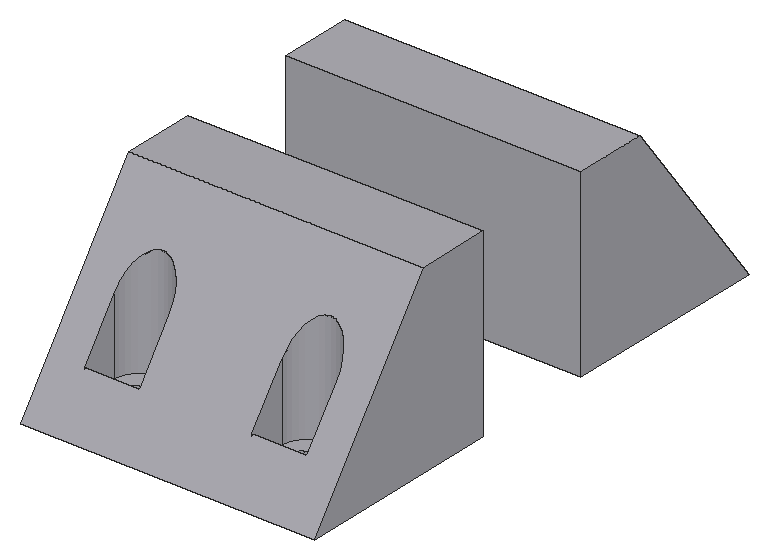
Revit family "ИО 102-40 Б2М(3)", category Датчики, Revit 2019
Family settings
  Сохранять ориентацию аннотаций = Нет
  Размер круглого соединителя = Использовать диаметр
  Тип детали = Нормальный
  Номер OmniClass = 23.85.50.17
  Заголовок OmniClass = Communication and Data Processing Equipment
  На основе рабочей плоскости = Нет
  Всегда вертикально = Да
  При загрузке вырезать с полостями = Нет
  Общий = Нет
  Точка расчета площади = Нет
Parameters (values of type "ИО 102-40 Б2М(3)")
  Цвет = Металл
  Смещение УГО по горизонтали [instance] = if((2000 mm - Сдвиг УГО по горизонтали) < 0 mm, 0 mm, 2000 mm - Сдвиг УГО по горизонтали)  # 2000 mm
  Смещение УГО по вертикали [instance] = if((2000 mm - Сдвиг УГО по вертикали) < 0 mm, 0 mm, 2000 mm - Сдвиг УГО по вертикали)  # 2000 mm
  Сдвиг УГО по горизонтали [instance] = 0 mm
  Сдвиг УГО по вертикали [instance] = 0 mm
  Описание = "Корпус из металла, вывод гофрорукав из оцинкованной стали, тип корпуса датчика \"трапеция\""
  Изготовитель = [ADSK_Завод-изготовитель]  # "НПП «МАГНИТО-КОНТАКТ»"
  URL = "https://m-kontakt.ru/produkt/datch_dlya_magn_konstr/io102-40"
  ADSK_Наименование = "ИО 102-40 Б2М(3)"
  ADSK_Масса = 0.155
  ADSK_Код изделия = "00-00001385"
  ADSK_Завод-изготовитель = "НПП «МАГНИТО-КОНТАКТ»"  # constant formula
  ADSK_Единица измерения = "шт."  # constant formula
Reference planes
  plane 1 "По центру (Вперед/Назад)": y = 0
  plane 2: z = 0
  plane 3 "По центру (Влево/Вправо)": x = 0
  plane 4: x = 0
  plane 5: x = 2000
  plane 6: y = 2000
  plane 7: y = 0
  plane 8: x = 0
Forms (mm)
  Extrusion 1, solid, material "Металл" <- "Цвет", detail levels medium+fine
    sketch origin (0, 16.747, 0) x (0, 1, 0) y (0, 0, 1)
      loop
        line (-25, 0) -> (-25, 25) -> (-35, 25) -> (-53.481, 0) -> (-25, 0)
    from -20 to 20
  Extrusion 2, void
    sketch origin (-47.839, 23.028, 0) x (-1, 0, 0) y (0, -1, 0)
      loop
        line (-55.5, 50) -> (-55.5, 55) -> (-62.938, 55) -> (-62.938, 50)
        arc (-62.938, 50) -> (-59.219, 46.281) -> (-55.5, 50) r 3.719
    from 2.9 to 25
  Extrusion 3, void
    sketch origin (68.88, 21.747, 0) x (1, 0, 0) y (0, 1, 0)
      loop
        circle (-57.5, -50) r 2
    from 0 to 32.922
  Extrusion 4, void
    sketch origin (47.839, 23.028, 0) x (1, 0, 0) y (0, 1, 0)
      loop
        arc (-55.5, -50) -> (-59.219, -46.281) -> (-62.938, -50) r 3.719
        line (-62.938, -50) -> (-62.938, -55) -> (-55.5, -55) -> (-55.5, -50)
    from 2.9 to 25
  Extrusion 5, void
    sketch origin (-68.88, 21.747, 0) x (-1, 0, 0) y (0, -1, 0)
      loop
        circle (-57.5, 50) r 2
    from 0 to 32.922
  Extrusion 6, solid, material "Металл" <- "Цвет", detail levels medium+fine
    sketch origin (0, -16.747, 0) x (0, -1, 0) y (0, 0, -1)
      loop
        line (-25, 0) -> (-53.481, 0) -> (-35, -25) -> (-25, -25) -> (-25, 0)
    from -20 to 20
  Extrusion 7, void
    sketch origin (-47.839, -23.028, 0) x (-1, 0, 0) y (0, -1, 0)
      loop
        arc (-55.5, -50) -> (-59.219, -46.281) -> (-62.938, -50) r 3.719
        line (-62.938, -50) -> (-62.938, -55) -> (-55.5, -55) -> (-55.5, -50)
    from 2.9 to 25
  Extrusion 8, void
    sketch origin (68.88, -21.747, 0) x (1, 0, 0) y (0, 1, 0)
      loop
        circle (-57.5, 50) r 2
    from 0 to 32.922
  Extrusion 9, void
    sketch origin (47.839, -23.028, 0) x (1, 0, 0) y (0, 1, 0)
      loop
        line (-55.5, 50) -> (-55.5, 55) -> (-62.938, 55) -> (-62.938, 50)
        arc (-62.938, 50) -> (-59.219, 46.281) -> (-55.5, 50) r 3.719
    from 2.9 to 25
  Extrusion 10, void
    sketch origin (-68.88, -21.747, 0) x (-1, 0, 0) y (0, -1, 0)
      loop
        circle (-57.5, -50) r 2
    from 0 to 32.922
Cuts and joins
  Extrusion 2, Extrusion 3, Extrusion 4, Extrusion 5, Extrusion 7, Extrusion 8, Extrusion 9, Extrusion 10 cuts Extrusion 1
  Extrusion 7, Extrusion 8, Extrusion 9, Extrusion 10 cuts Extrusion 6
Dimensions and locks
  plane 1 "По центру (Вперед/Назад)" to nested 1 = 0 mm
  locked: plane 3 "По центру (Влево/Вправо)" to plane 5 at 2000
  "Смещение УГО по горизонтали": plane 8 to plane 5
  "Смещение УГО по вертикали": plane 6 to plane 7
  locked: plane 1 "По центру (Вперед/Назад)" to plane 6 at 2000
  Extrusion 1 sketch curve to Extrusion 1 sketch curve = 25 mm
  Extrusion 6 sketch curve to Extrusion 6 sketch curve = 25 mm
  aligned and locked: nested 1 to plane 8
  aligned and locked: nested 1 to plane 7
Automatic sketch dimensions
  Extrusion 1 sketch curve to level = 0 mm
  plane 1 "По центру (Вперед/Назад)" to Extrusion 1 sketch curve = 36.733 mm
  plane 1 "По центру (Вперед/Назад)" to Extrusion 1 sketch curve = 18.253 mm
  plane 1 "По центру (Вперед/Назад)" to Extrusion 1 sketch curve = 8.253 mm
  plane 3 "По центру (Влево/Вправо)" to Extrusion 2 sketch curve = 15.099 mm
  Extrusion 2 sketch curve to Extrusion 2 sketch curve = 3.719 mm
  plane 1 "По центру (Вперед/Назад)" to Extrusion 2 sketch curve = 26.972 mm
  Extrusion 2 sketch curve to Extrusion 2 sketch curve = 5 mm
  Extrusion 2 sketch curve to Extrusion 2 sketch curve = 0 mm
  plane 3 "По центру (Влево/Вправо)" to Extrusion 3 sketch curve = 11.38 mm
  plane 1 "По центру (Вперед/Назад)" to Extrusion 3 sketch curve = 28.253 mm
  Extrusion 4 sketch curve to plane 3 "По центру (Влево/Вправо)" = 15.099 mm
  Extrusion 4 sketch curve to Extrusion 4 sketch curve = 3.719 mm
  plane 1 "По центру (Вперед/Назад)" to Extrusion 4 sketch curve = 31.972 mm
  Extrusion 4 sketch curve to Extrusion 4 sketch curve = 5 mm
  Extrusion 4 sketch curve to Extrusion 4 sketch curve = 0 mm
  Extrusion 5 sketch curve to plane 3 "По центру (Влево/Вправо)" = 11.38 mm
  plane 1 "По центру (Вперед/Назад)" to Extrusion 5 sketch curve = 28.253 mm
  Extrusion 6 sketch curve to level = 0 mm
  Extrusion 6 sketch curve to plane 1 "По центру (Вперед/Назад)" = 36.733 mm
  Extrusion 6 sketch curve to plane 1 "По центру (Вперед/Назад)" = 18.253 mm
  Extrusion 6 sketch curve to plane 1 "По центру (Вперед/Назад)" = 8.253 mm
  plane 3 "По центру (Влево/Вправо)" to Extrusion 7 sketch curve = 15.099 mm
  Extrusion 7 sketch curve to Extrusion 7 sketch curve = 3.719 mm
  Extrusion 7 sketch curve to plane 1 "По центру (Вперед/Назад)" = 31.972 mm
  Extrusion 7 sketch curve to Extrusion 7 sketch curve = 5 mm
  Extrusion 7 sketch curve to Extrusion 7 sketch curve = 0 mm
  plane 3 "По центру (Влево/Вправо)" to Extrusion 8 sketch curve = 11.38 mm
  Extrusion 8 sketch curve to plane 1 "По центру (Вперед/Назад)" = 28.253 mm
  Extrusion 9 sketch curve to plane 3 "По центру (Влево/Вправо)" = 15.099 mm
  Extrusion 9 sketch curve to Extrusion 9 sketch curve = 3.719 mm
  Extrusion 9 sketch curve to plane 1 "По центру (Вперед/Назад)" = 26.972 mm
  Extrusion 9 sketch curve to Extrusion 9 sketch curve = 5 mm
  Extrusion 9 sketch curve to Extrusion 9 sketch curve = 0 mm
  Extrusion 10 sketch curve to plane 3 "По центру (Влево/Вправо)" = 11.38 mm
  Extrusion 10 sketch curve to plane 1 "По центру (Вперед/Назад)" = 28.253 mm
  radius of Extrusion 3 sketch curve = 2 mm
  radius of Extrusion 5 sketch curve = 2 mm
  radius of Extrusion 8 sketch curve = 2 mm
  radius of Extrusion 10 sketch curve = 2 mm
Nested families
  nested 1: "УГО_извещатель" at (0, 0, 0), type "УГО_извещатель", detail levels coarse
Connectors
  electrical at (0, 0, 0)
    settings: index 1, voltage 0 V, apparent load 0 VA, apparent load phase1 0 VA, apparent load phase2 0 VA, apparent load phase3 0 VA, power factor 1, load classification "Прочее", number of poles 1, system type 31, power factor state 1, is connector primary yes, connector utility no, sub classification motor no, connector description ""
Definition of nested family "УГО_извещатель"
  Reference planes
    plane 1: y = 0
    plane 2: x = 0
  Lines and regions (mm)
    Filled region 1, type "Цветовая область 1"
      outline origin (0, 0, 0) x (1, 0, 0) y (0, 1, 0)
        loop
          line (-2.5, 2.5) -> (-2.5, 0.9) -> (2.5, 0.9) -> (2.5, 2.5) -> (-2.5, 2.5)
    Filled region 2, type "Цветовая область 1"
      outline origin (0, 0, 0) x (1, 0, 0) y (0, 1, 0)
        loop
          line (-2.5, -0.9) -> (-2.5, -2.5) -> (2.5, -2.5) -> (2.5, -0.9) -> (-2.5, -0.9)
    detail lines
      curve 1: line (-2.5, 2.5, 0) -> (2.5, 2.5, 0)
      curve 2: line (-2.5, -2.5, 0) -> (-2.5, 2.5, 0)
      curve 3: line (2.5, -2.5, 0) -> (-2.5, -2.5, 0)
      curve 4: line (2.5, 2.5, 0) -> (2.5, -2.5, 0)
      curve 5: line (-2.5, 0.9, 0) -> (2.5, 0.9, 0)
      curve 6: line (-2.5, -0.9, 0) -> (2.5, -0.9, 0)
